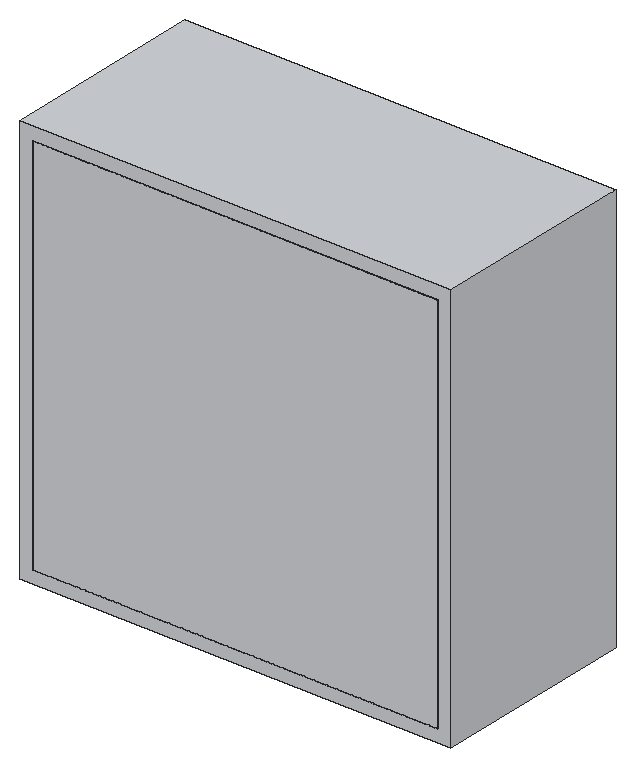
Revit family
Parameters (values of type "600mm")
  캐비닛 재료 = none
  문/서랍 재료 = none
  핸들 재료 = 캐비닛 - 핸들
  Width = 630 mm
  캐비닛 상단 = 2000 mm
  Height = 600 mm
  Depth = 300 mm
  Assembly Code = ""
Types (2, lengths in mm): name | Width
  600mm | 630
  1000mm | 1000
Reference planes
  plane 1: y = 0
  plane 2 "중심": x = 29.771
  plane 3 "오른쪽": x = 344.771
  plane 4 "좌측면": x = -285.229
  plane 5: z = 1400
  plane 6: z = 2000
  plane 7 "정면": y = 376.2
  plane 8: y = 76.2
  plane 9: z = 1700
Forms (mm)
  Extrusion 1, solid, material <- "캐비닛 재료"
    sketch origin (0, 76.2, 0) x (1, 0, 0) y (0, 0, 1)
      loop
        line (344.771, 2000) -> (-285.229, 2000) -> (-285.229, 1400) -> (344.771, 1400) -> (344.771, 2000)
      loop
        line (325.721, 1980.95) -> (-266.179, 1980.95) -> (-266.179, 1419.05) -> (325.721, 1419.05) -> (325.721, 1980.95)
    from 0 to -300
  Extrusion 2, solid, material <- "캐비닛 재료"
    sketch origin (0, 76.2, 0) x (1, 0, 0) y (0, 0, 1)
      loop
        line (325.721, 1980.95) -> (-266.179, 1980.95) -> (-266.179, 1419.05) -> (325.721, 1419.05) -> (325.721, 1980.95)
    from 0 to -19.05
  Extrusion 3, solid, material <- "문/서랍 재료"
    sketch origin (0, 376.2, 0) x (0, 0, 1) y (1, 0, 0)
      loop
        line (1980.95, 325.721) -> (1419.05, 325.721) -> (1419.05, 32.946) -> (1980.95, 32.946) -> (1980.95, 325.721)
      loop
        line (1980.95, -266.179) -> (1980.95, 26.596) -> (1419.05, 26.596) -> (1419.05, -266.179) -> (1980.95, -266.179)
    from 12.7 to -19.05
  Sweep 4, solid, material "캐비닛 - 핸들" <- "핸들 재료"
    path origin (4.371, 0, 0) x (0, 1, 0) y (0, 0, 1)
      loop
        line (388.9, 1552.4) -> (401.6, 1552.4)
        arc (401.6, 1552.4) -> (410.58, 1548.68) -> (414.3, 1539.7) r 12.7
        line (414.3, 1539.7) -> (414.3, 1463.5)
        arc (414.3, 1463.5) -> (410.58, 1454.52) -> (401.6, 1450.8) r 12.7
        line (401.6, 1450.8) -> (388.9, 1450.8)
    profile origin (4.371, 395.25, 0) x (0, 0, 1) y (1, 0, 0)
      loop
        circle (1552.4, 0) r 6.35
  Sweep 5, solid, material "캐비닛 - 핸들" <- "핸들 재료"
    path origin (55.171, 0, 0) x (0, 1, 0) y (0, 0, -1)
      loop
        line (388.9, -1552.4) -> (401.6, -1552.4)
        arc (401.6, -1552.4) -> (410.58, -1548.68) -> (414.3, -1539.7) r 12.7
        line (414.3, -1539.7) -> (414.3, -1463.5)
        arc (414.3, -1463.5) -> (410.58, -1454.52) -> (401.6, -1450.8) r 12.7
        line (401.6, -1450.8) -> (388.9, -1450.8)
    profile origin (55.171, 395.25, 0) x (0, 0, -1) y (-1, 0, 0)
      loop
        circle (-1552.4, 0) r 6.35
Lines and regions (mm)
  model lines
    curve 1: line (29.771, 376.2, 1980.95) -> (29.771, 376.2, 1419.05)
  symbolic lines
    curve 2: line (-285.229, 376.2, 0) -> (344.771, 376.2, 0)
    curve 3: line (-285.229, 76.2, 0) -> (-285.229, 376.2, 0)
    curve 4: line (344.771, 76.2, 0) -> (-285.229, 76.2, 0)
    curve 5: line (344.771, 376.2, 0) -> (344.771, 76.2, 0)
    curve 6: line (32.946, 0, 1980.95) -> (325.721, 0, 1700)
    curve 7: line (325.721, 0, 1700) -> (32.946, 0, 1419.05)
    curve 8: line (26.596, 0, 1419.05) -> (-266.179, 0, 1700)
    curve 9: line (-266.179, 0, 1700) -> (26.596, 0, 1980.95)
Text (mm)
  text "측면 배치" at (0, 1019.848, 3124.603), in view "오른쪽"
  text "측면 배치" at (-1198.245, 1500.971, 0), in view "바닥 선"
  text "측면 배치" at (0, 1020.14, 3065.962), in view "좌측면"
Dimensions and locks
  equal spacing: plane 4 "좌측면", plane 2 "중심", plane 3 "오른쪽"
  "Width": plane 4 "좌측면" to plane 3 "오른쪽"
  "Height": plane 5 to plane 6
  "Depth": plane 8 to plane 7 "정면"
  equal spacing: plane 5, plane 9, plane 6
  "캐비닛 상단": level to plane 6
  aligned and locked: plane 8 to host wall
  aligned and locked: plane 7 "정면" to Extrusion 1
  aligned and locked: Extrusion 2 sketch curve to Extrusion 1  (x4)
  aligned and locked: curve 1 to Extrusion 3  (x2)
Automatic sketch dimensions
  Extrusion 1 sketch curve to plane 4 "좌측면" = 0 mm
  Extrusion 1 sketch curve to plane 3 "오른쪽" = 0 mm
  Extrusion 1 sketch curve to plane 5 = 0 mm
  Extrusion 1 sketch curve to plane 6 = 0 mm
  plane 4 "좌측면" to Extrusion 1 sketch curve = 19.05 mm
  Extrusion 1 sketch curve to plane 3 "오른쪽" = 19.05 mm
  Extrusion 1 sketch curve to plane 5 = 19.05 mm
  plane 6 to Extrusion 1 sketch curve = 19.05 mm
  Sweep 4 sketch curve to profile plane = 0 mm
  profile plane to Sweep 4 sketch curve = 6.35 mm
  Sweep 5 sketch curve to profile plane = 0 mm
  profile plane to Sweep 5 sketch curve = 6.35 mm
  curve 4 to host wall = 0 mm
  curve 4 to plane 4 "좌측면" = 0 mm
  curve 4 to plane 3 "오른쪽" = 0 mm
  curve 3 to plane 7 "정면" = 0 mm
  plane 7 "정면" to Sweep 4 sketch curve = 12.7 mm  (x2)
  Sweep 4 sketch curve to Sweep 4 sketch curve = 12.7 mm  (x3)
  Sweep 4 sketch curve to plane 5 = 50.8 mm
  Sweep 4 sketch curve to Sweep 4 sketch curve = 76.2 mm
  plane 7 "정면" to Sweep 5 sketch curve = 12.7 mm  (x2)
  Sweep 5 sketch curve to Sweep 5 sketch curve = 12.7 mm  (x3)
  Sweep 5 sketch curve to plane 5 = 152.4 mm
  Sweep 5 sketch curve to plane 5 = 63.5 mm
  plane 2 "중심" to Extrusion 3 sketch curve = 3.175 mm
  Extrusion 3 sketch curve to plane 5 = 19.05 mm
  Extrusion 3 sketch curve to Extrusion 3 sketch curve = 0 mm
  Extrusion 3 sketch curve to plane 2 "중심" = 3.175 mm
  plane 6 to Extrusion 3 sketch curve = 19.05 mm  (x2)
  plane 4 "좌측면" to Extrusion 3 sketch curve = 19.05 mm
  Extrusion 3 sketch curve to plane 3 "오른쪽" = 19.05 mm
  curve 6 to plane 9 = 0 mm
  curve 8 to plane 9 = 0 mm
  curve 1 to plane 2 "중심" = 0 mm
  plane 2 "중심" to curve 6 = 3.175 mm
  curve 6 to curve 1 = 0 mm
  curve 9 to plane 2 "중심" = 3.175 mm
  curve 9 to curve 1 = 0 mm
  curve 8 to plane 2 "중심" = 3.175 mm
  curve 8 to curve 1 = 0 mm
  plane 2 "중심" to curve 7 = 3.175 mm
  curve 7 to curve 1 = 0 mm
  plane 4 "좌측면" to curve 8 = 19.05 mm
  curve 6 to plane 3 "오른쪽" = 19.05 mm
